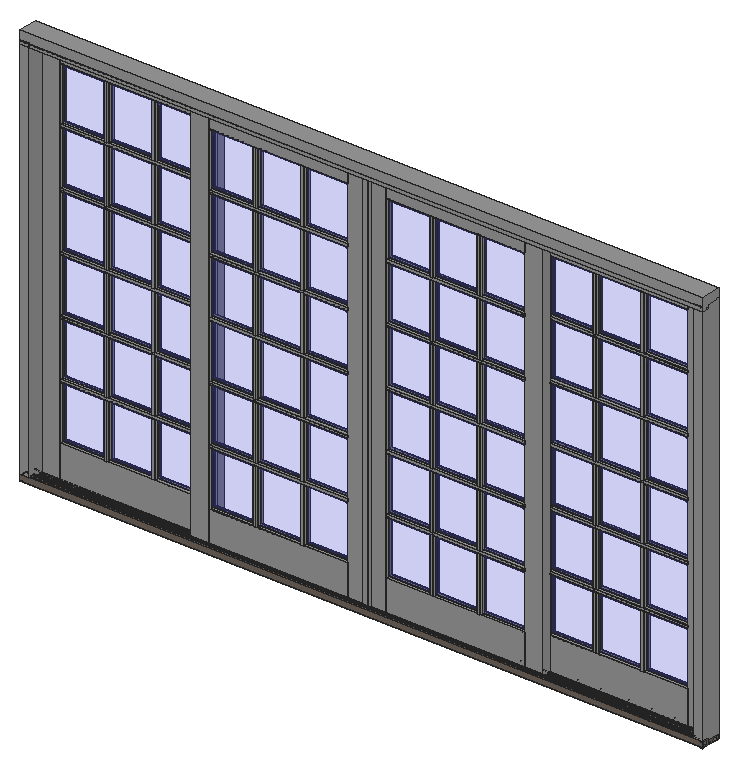
Revit family "VSDA3.6SPCO", category Doors, host Wall, Revit 2015
Parameters (values of type "VSDA3.6SPCO")
  Function = Interior
  Frame Projection Ext. = 25 mm
  Frame Projection Int. = 25 mm
  Frame Width = 75 mm
  Height = 2100 mm
  Wall Closure = By host
  Width = 3550 mm
Reference planes
  plane 1: y = 0
  plane 2 "Center (Left/Right)": x = 0
  plane 3 "Left": x = -1775
  plane 4 "Right": x = 1775
  plane 5: z = 2100
  plane 6 "Exterior": y = 75
  plane 7 "Interior": y = -75
Forms (mm)
  Extrusion 1, solid, material "Aluminium Cill (Bronze)"
    sketch origin (0, 79.18, -119.746) x (0, 1, 0) y (0, 0, 1)
      loop
        line (-26.68, 120.746) -> (-26.68, 135.746)
        arc (-26.68, 135.746) -> (-27.558, 137.867) -> (-29.68, 138.746) r 3
        line (-29.68, 138.746) -> (-40.947, 138.746)
        arc (-40.947, 138.746) -> (-42.68, 137.746) -> (-44.412, 138.746) r 2
        line (-44.412, 138.746) -> (-48.947, 138.746)
        arc (-48.947, 138.746) -> (-50.68, 137.746) -> (-52.412, 138.746) r 2
        line (-52.412, 138.746) -> (-56.947, 138.746)
        arc (-56.947, 138.746) -> (-58.68, 137.746) -> (-60.412, 138.746) r 2
        line (-60.412, 138.746) -> (-67.18, 138.746) -> (-67.18, 135.246)
        arc (-67.18, 135.246) -> (-67.619, 134.185) -> (-68.68, 133.746) r 1.5
        line (-68.68, 133.746) -> (-73.43, 133.746) -> (-73.43, 135.746) -> (-71.996, 135.746)
        arc (-71.996, 135.746) -> (-74.68, 138.746) -> (-77.363, 135.746) r 2.7
        line (-77.363, 135.746) -> (-75.93, 135.746) -> (-75.93, 133.746) -> (-80.68, 133.746)
        arc (-80.68, 133.746) -> (-81.74, 134.185) -> (-82.18, 135.246) r 1.5
        line (-82.18, 135.246) -> (-82.18, 138.746) -> (-90.432, 138.746) -> (-98.68, 138.746) -> (-98.68, 143.746)
        arc (-98.68, 143.746) -> (-99.18, 144.246) -> (-99.68, 143.746) r 0.5
        line (-99.68, 143.746) -> (-99.68, 142.734) -> (-100.88, 142.734) -> (-100.88, 150.246) -> (-99.68, 150.246) -> (-99.68, 149.246)
        arc (-99.68, 149.246) -> (-99.18, 148.746) -> (-98.68, 149.246) r 0.5
        line (-98.68, 149.246) -> (-98.68, 150.746)
        arc (-98.68, 150.746) -> (-98.972, 151.453) -> (-99.68, 151.746) r 1
        line (-99.68, 151.746) -> (-109.447, 151.746)
        arc (-109.447, 151.746) -> (-111.18, 150.746) -> (-112.912, 151.746) r 2
        line (-112.912, 151.746) -> (-117.447, 151.746)
        arc (-117.447, 151.746) -> (-119.18, 150.746) -> (-120.912, 151.746) r 2
        line (-120.912, 151.746) -> (-130.68, 151.746)
        arc (-130.68, 151.746) -> (-131.387, 151.453) -> (-131.68, 150.746) r 1
        line (-131.68, 150.746) -> (-131.68, 120.746)
        arc (-131.68, 120.746) -> (-131.387, 120.039) -> (-130.68, 119.746) r 1
        line (-130.68, 119.746) -> (-27.68, 119.746)
        arc (-27.68, 119.746) -> (-26.972, 120.039) -> (-26.68, 120.746) r 1
      loop
        line (-29.68, 137.246) -> (-40.23, 137.246)
        arc (-40.23, 137.246) -> (-42.68, 136.246) -> (-45.129, 137.246) r 3.5
        line (-45.129, 137.246) -> (-48.23, 137.246)
        arc (-48.23, 137.246) -> (-50.68, 136.246) -> (-53.129, 137.246) r 3.5
        line (-53.129, 137.246) -> (-56.23, 137.246)
        arc (-56.23, 137.246) -> (-58.68, 136.246) -> (-61.129, 137.246) r 3.5
        line (-61.129, 137.246) -> (-65.68, 137.246) -> (-65.68, 135.246)
        arc (-65.68, 135.246) -> (-66.558, 133.125) -> (-68.68, 132.246) r 3
        line (-68.68, 132.246) -> (-73.93, 132.246) -> (-73.93, 121.246) -> (-28.18, 121.246) -> (-28.18, 135.746)
        arc (-28.18, 135.746) -> (-28.619, 136.807) -> (-29.68, 137.246) r 1.5
      loop
        line (-75.43, 132.246) -> (-80.68, 132.246)
        arc (-80.68, 132.246) -> (-82.801, 133.125) -> (-83.68, 135.246) r 3
        line (-83.68, 135.246) -> (-83.68, 137.246) -> (-98.68, 137.246) -> (-98.68, 121.246) -> (-75.43, 121.246) -> (-75.43, 132.246)
      loop
        line (-100.18, 121.246) -> (-100.18, 141.246) -> (-102.38, 141.246) -> (-102.38, 150.246) -> (-108.73, 150.246)
        arc (-108.73, 150.246) -> (-111.18, 149.246) -> (-113.629, 150.246) r 3.5
        line (-113.629, 150.246) -> (-116.73, 150.246)
        arc (-116.73, 150.246) -> (-119.18, 149.246) -> (-121.629, 150.246) r 3.5
        line (-121.629, 150.246) -> (-130.18, 150.246) -> (-130.18, 121.246) -> (-100.18, 121.246)
    from -1775 to 1775
  Extrusion 2, solid, material "Lauan, Meranti"
    sketch origin (0, 0, 0) x (0, 1, 0) y (0, 0, 1)
      loop
        line (52.5, 2100) -> (-52.5, 2100) -> (-52.5, 2055) -> (-49.5, 2055) -> (-49.5, 2052) -> (-52.5, 2052) -> (-52.5, 2035) -> (-20.5, 2035) -> (-20.5, 2038.5) -> (-27.5, 2038.5) -> (-27.5, 2041.5) -> (-20.5, 2041.5) -> (-20.5, 2055) -> (32.5, 2055) -> (32.5, 2057) -> (52.5, 2057) -> (52.5, 2100)
    from -1775 to 1775
  Extrusion 3, solid, material "Lauan, Meranti"
    sketch origin (0, 0, 0) x (1, 0, 0) y (0, 1, 0)
      loop
        line (-1775, 52.5) -> (-1775, -52.5) -> (-1730, -52.5) -> (-1730, 52.5) -> (-1775, 52.5)
      loop
        line (1775, 52.5) -> (1730, 52.5) -> (1730, -52.5) -> (1775, -52.5) -> (1775, 52.5)
    from 32 to 2057
  Extrusion 4, solid, material "Lauan, Meranti"
    sketch origin (0, 0, 0) x (1, 0, 0) y (0, 1, 0)
      loop
        line (-1775, 52.5) -> (-1775, -19.5) -> (-1730, -19.5) -> (-1730, 52.5) -> (-1775, 52.5)
      loop
        line (1775, 52.5) -> (1730, 52.5) -> (1730, -19.5) -> (1775, -19.5) -> (1775, 52.5)
    from 19 to 32
  Extrusion 5, solid, material "Lauan, Meranti"
    sketch origin (550, 0, 0) x (0, 1, 0) y (0, 0, 1)
      loop
        line (52.5, 2054) -> (49.5, 2054) -> (49.5, 2057) -> (32.5, 2057) -> (32.5, 2041.5) -> (39.5, 2041.5) -> (39.5, 2038.5) -> (32.5, 2038.5) -> (32.5, 2035) -> (52.5, 2035) -> (52.5, 2054)
    from -1362.5 to 262.5
  Extrusion 6, solid, material "Lauan, Meranti"
    sketch origin (0, 0, 0) x (1, 0, 0) y (0, 1, 0)
      loop
        line (1634, 31) -> (1730, 31) -> (1730, 71) -> (1634, 71) -> (1634, 41) -> (1625, 41) -> (1625, 39) -> (1627, 39)
        arc (1627, 39) -> (1629.265, 34.56) -> (1634, 33) r 6.549
        line (1634, 33) -> (1634, 31)
      loop
        line (98, -15.5) -> (98, -13.5)
        arc (98, -13.5) -> (102.735, -11.94) -> (105, -7.5) r 6.549
        line (105, -7.5) -> (107, -7.5) -> (107, -5.5) -> (98, -5.5) -> (98, 24.5) -> (2, 24.5) -> (2, -15.5) -> (98, -15.5)
      loop
        line (-1634, 31) -> (-1634, 33)
        arc (-1634, 33) -> (-1629.265, 34.56) -> (-1627, 39) r 6.549
        line (-1627, 39) -> (-1625, 39) -> (-1625, 41) -> (-1634, 41) -> (-1634, 71) -> (-1730, 71) -> (-1730, 31) -> (-1634, 31)
      loop
        line (-98, -15.5) -> (-2, -15.5) -> (-2, 24.5) -> (-98, 24.5) -> (-98, -5.5) -> (-107, -5.5) -> (-107, -7.5) -> (-105, -7.5)
        arc (-105, -7.5) -> (-102.735, -11.94) -> (-98, -13.5) r 6.549
        line (-98, -13.5) -> (-98, -15.5)
      loop
        line (-821.5, -15.5) -> (-821.5, -13.5)
        arc (-821.5, -13.5) -> (-816.765, -11.94) -> (-814.5, -7.5) r 6.549
        line (-814.5, -7.5) -> (-812.5, -7.5) -> (-812.5, -5.5) -> (-821.5, -5.5) -> (-821.5, 24.5) -> (-917.5, 24.5) -> (-917.5, -15.5) -> (-821.5, -15.5)
      loop
        line (-908.5, 31) -> (-812.5, 31) -> (-812.5, 71) -> (-908.5, 71) -> (-908.5, 41) -> (-917.5, 41) -> (-917.5, 39) -> (-915.5, 39)
        arc (-915.5, 39) -> (-913.235, 34.56) -> (-908.5, 33) r 6.549
        line (-908.5, 33) -> (-908.5, 31)
      loop
        line (821.5, -15.5) -> (917.5, -15.5) -> (917.5, 24.5) -> (821.5, 24.5) -> (821.5, -5.5) -> (812.5, -5.5) -> (812.5, -7.5) -> (814.5, -7.5)
        arc (814.5, -7.5) -> (816.765, -11.94) -> (821.5, -13.5) r 6.549
        line (821.5, -13.5) -> (821.5, -15.5)
      loop
        line (908.5, 31) -> (908.5, 33)
        arc (908.5, 33) -> (913.235, 34.56) -> (915.5, 39) r 6.549
        line (915.5, 39) -> (917.5, 39) -> (917.5, 41) -> (908.5, 41) -> (908.5, 71) -> (812.5, 71) -> (812.5, 31) -> (908.5, 31)
    from 19 to 2055
  Extrusion 7, solid, material "Lauan, Meranti"
    sketch origin (4059.03, 0, -20) x (1, 0, 0) y (0, 1, 0)
      loop
        line (-4071.03, -25.5) -> (-4047.03, -25.5) -> (-4047.03, -23.5)
        arc (-4047.03, -23.5) -> (-4041.373, -21.157) -> (-4039.03, -15.5) r 8
        line (-4039.03, -15.5) -> (-4079.03, -15.5)
        arc (-4079.03, -15.5) -> (-4076.687, -21.157) -> (-4071.03, -23.5) r 8
        line (-4071.03, -23.5) -> (-4071.03, -25.5)
      loop
        line (-4071.03, 34.5) -> (-4071.03, 32.5)
        arc (-4071.03, 32.5) -> (-4076.687, 30.157) -> (-4079.03, 24.5) r 8
        line (-4079.03, 24.5) -> (-4039.03, 24.5)
        arc (-4039.03, 24.5) -> (-4041.373, 30.157) -> (-4047.03, 32.5) r 8
        line (-4047.03, 32.5) -> (-4047.03, 34.5) -> (-4071.03, 34.5)
    from 39 to 2055
  Extrusion 8, solid, material "Lauan, Meranti"
    sketch origin (-1885, 46.5, 0) x (0, 1, 0) y (0, 0, -1)
      loop
        line (-15.5, -190) -> (-13.5, -190)
        arc (-13.5, -190) -> (-11.866, -194.67) -> (-7.5, -197) r 6.807
        line (-7.5, -197) -> (-7.5, -199) -> (-5.5, -199) -> (-5.5, -190) -> (24.5, -190) -> (24.5, -19) -> (-15.5, -19) -> (-15.5, -190)
      loop
        arc (-7.5, -1952) -> (-11.866, -1954.33) -> (-13.5, -1959) r 6.807
        line (-13.5, -1959) -> (-15.5, -1959) -> (-15.5, -2055) -> (24.5, -2055) -> (24.5, -1959) -> (-5.5, -1959) -> (-5.5, -1950) -> (-7.5, -1950) -> (-7.5, -1952)
      loop
        line (-15.5, -1675) -> (-13.5, -1675)
        arc (-13.5, -1675) -> (-11.866, -1679.67) -> (-7.5, -1682) r 6.807
        line (-7.5, -1682) -> (-7.5, -1684) -> (-5.5, -1684) -> (-5.5, -1675) -> (24.5, -1675) -> (24.5, -1662) -> (-5.5, -1662) -> (-5.5, -1653) -> (-7.5, -1653) -> (-7.5, -1655)
        arc (-7.5, -1655) -> (-11.866, -1657.33) -> (-13.5, -1662) r 6.807
        line (-13.5, -1662) -> (-15.5, -1662) -> (-15.5, -1675)
      loop
        line (-15.5, -1378) -> (-13.5, -1378)
        arc (-13.5, -1378) -> (-11.866, -1382.67) -> (-7.5, -1385) r 6.807
        line (-7.5, -1385) -> (-7.5, -1387) -> (-5.5, -1387) -> (-5.5, -1378) -> (24.5, -1378) -> (24.5, -1365) -> (-5.5, -1365) -> (-5.5, -1356) -> (-7.5, -1356) -> (-7.5, -1358)
        arc (-7.5, -1358) -> (-11.866, -1360.33) -> (-13.5, -1365) r 6.807
        line (-13.5, -1365) -> (-15.5, -1365) -> (-15.5, -1378)
      loop
        line (-15.5, -1081) -> (-13.5, -1081)
        arc (-13.5, -1081) -> (-11.866, -1085.67) -> (-7.5, -1088) r 6.807
        line (-7.5, -1088) -> (-7.5, -1090) -> (-5.5, -1090) -> (-5.5, -1081) -> (24.5, -1081) -> (24.5, -1068) -> (-5.5, -1068) -> (-5.5, -1059) -> (-7.5, -1059) -> (-7.5, -1061)
        arc (-7.5, -1061) -> (-11.866, -1063.33) -> (-13.5, -1068) r 6.807
        line (-13.5, -1068) -> (-15.5, -1068) -> (-15.5, -1081)
      loop
        line (-15.5, -784) -> (-13.5, -784)
        arc (-13.5, -784) -> (-11.866, -788.67) -> (-7.5, -791) r 6.807
        line (-7.5, -791) -> (-7.5, -793) -> (-5.5, -793) -> (-5.5, -784) -> (24.5, -784) -> (24.5, -771) -> (-5.5, -771) -> (-5.5, -762) -> (-7.5, -762) -> (-7.5, -764)
        arc (-7.5, -764) -> (-11.866, -766.33) -> (-13.5, -771) r 6.807
        line (-13.5, -771) -> (-15.5, -771) -> (-15.5, -784)
      loop
        line (-15.5, -487) -> (-13.5, -487)
        arc (-13.5, -487) -> (-11.866, -491.67) -> (-7.5, -494) r 6.807
        line (-7.5, -494) -> (-7.5, -496) -> (-5.5, -496) -> (-5.5, -487) -> (24.5, -487) -> (24.5, -474) -> (-5.5, -474) -> (-5.5, -465) -> (-7.5, -465) -> (-7.5, -467)
        arc (-7.5, -467) -> (-11.866, -469.33) -> (-13.5, -474) r 6.807
        line (-13.5, -474) -> (-15.5, -474) -> (-15.5, -487)
    from -976.5 to -251
  Sweep 9, solid, material "Lauan, Meranti"
    path origin (-1120.605, -75, -781.763) x (-1, 0, 0) y (0, 0, -1)
      loop
        line (280.228, -2740.763) -> (513.395, -2740.763) -> (513.395, -2456.763) -> (280.228, -2456.763) -> (280.228, -2740.763)
    profile origin (-1517.417, -75, 1959) x (0, 0, -1) y (0, -1, 0)
      loop
        line (9, -124.5) -> (0, -124.5) -> (0, -132.5)
        arc (0, -132.5) -> (4.67, -130.866) -> (7, -126.5) r 6.807
        line (7, -126.5) -> (9, -126.5) -> (9, -124.5)
  Extrusion 10, solid, material "Glass"
    sketch origin (-1393.125, -64.05, -73.649) x (-1, 0, 0) y (0, 0, -1)
      loop
        line (240.865, -2032.637) -> (240.865, -1748.649) -> (7.708, -1748.649) -> (7.708, -2032.637) -> (240.865, -2032.637)
      loop
        line (-5.292, -2032.649) -> (-5.292, -1748.649) -> (-238.458, -1748.649) -> (-238.458, -2032.649) -> (-5.292, -2032.649)
      loop
        line (-251.458, -2032.649) -> (-251.458, -1748.649) -> (-484.625, -1748.649) -> (-484.625, -2032.649) -> (-251.458, -2032.649)
      loop
        line (240.865, -1735.637) -> (240.865, -1451.649) -> (7.708, -1451.649) -> (7.708, -1735.637) -> (240.865, -1735.637)
      loop
        line (-5.292, -1735.649) -> (-5.292, -1451.649) -> (-238.458, -1451.649) -> (-238.458, -1735.649) -> (-5.292, -1735.649)
      loop
        line (-251.458, -1735.649) -> (-251.458, -1451.649) -> (-484.625, -1451.649) -> (-484.625, -1735.649) -> (-251.458, -1735.649)
      loop
        line (240.865, -1438.637) -> (240.865, -1154.649) -> (7.708, -1154.649) -> (7.708, -1438.637) -> (240.865, -1438.637)
      loop
        line (-5.292, -1438.649) -> (-5.292, -1154.649) -> (-238.458, -1154.649) -> (-238.458, -1438.649) -> (-5.292, -1438.649)
      loop
        line (-251.458, -1438.649) -> (-251.458, -1154.649) -> (-484.625, -1154.649) -> (-484.625, -1438.649) -> (-251.458, -1438.649)
      loop
        line (240.865, -1141.637) -> (240.865, -857.649) -> (7.708, -857.649) -> (7.708, -1141.637) -> (240.865, -1141.637)
      loop
        line (-5.292, -1141.649) -> (-5.292, -857.649) -> (-238.458, -857.649) -> (-238.458, -1141.649) -> (-5.292, -1141.649)
      loop
        line (-251.458, -1141.649) -> (-251.458, -857.649) -> (-484.625, -857.649) -> (-484.625, -1141.649) -> (-251.458, -1141.649)
      loop
        line (240.865, -844.637) -> (240.865, -560.649) -> (7.708, -560.649) -> (7.708, -844.637) -> (240.865, -844.637)
      loop
        line (-5.292, -844.649) -> (-5.292, -560.649) -> (-238.458, -560.649) -> (-238.458, -844.649) -> (-5.292, -844.649)
      loop
        line (-251.458, -844.649) -> (-251.458, -560.649) -> (-484.625, -560.649) -> (-484.625, -844.649) -> (-251.458, -844.649)
      loop
        line (240.865, -547.637) -> (240.865, -263.649) -> (7.708, -263.649) -> (7.708, -547.637) -> (240.865, -547.637)
      loop
        line (-5.292, -547.649) -> (-5.292, -263.649) -> (-238.458, -263.649) -> (-238.458, -547.649) -> (-5.292, -547.649)
      loop
        line (-251.458, -547.649) -> (-251.458, -263.649) -> (-484.625, -263.649) -> (-484.625, -547.649) -> (-251.458, -547.649)
    from -112.5 to -106.1
  Extrusion 11, solid, material "Lauan, Meranti"
    sketch origin (-865, 0, 0) x (-1, 0, 0) y (0, -1, 0)
      loop
        line (522.833, -31) -> (522.833, -33)
        arc (522.833, -33) -> (518.163, -34.634) -> (515.833, -39) r 6.807
        line (515.833, -39) -> (513.833, -39) -> (513.833, -41) -> (522.833, -41) -> (522.833, -71) -> (535.833, -71) -> (535.833, -41) -> (544.833, -41) -> (544.833, -39) -> (542.833, -39)
        arc (542.833, -39) -> (540.504, -34.634) -> (535.833, -33) r 6.807
        line (535.833, -33) -> (535.833, -31) -> (522.833, -31)
      loop
        line (289.667, -31) -> (276.667, -31) -> (276.667, -33)
        arc (276.667, -33) -> (271.996, -34.634) -> (269.667, -39) r 6.807
        line (269.667, -39) -> (267.667, -39) -> (267.667, -41) -> (276.667, -41) -> (276.667, -71) -> (289.667, -71) -> (289.667, -41) -> (298.667, -41) -> (298.667, -39) -> (296.667, -39)
        arc (296.667, -39) -> (294.337, -34.634) -> (289.667, -33) r 6.807
        line (289.667, -33) -> (289.667, -31)
    from 1675 to 1959
  Extrusion 12, solid, material "Lauan, Meranti"
    sketch origin (-865, 0, -297) x (-1, 0, 0) y (0, -1, 0)
      loop
        line (522.833, -31) -> (522.833, -33)
        arc (522.833, -33) -> (518.163, -34.634) -> (515.833, -39) r 6.807
        line (515.833, -39) -> (513.833, -39) -> (513.833, -41) -> (522.833, -41) -> (522.833, -71) -> (535.833, -71) -> (535.833, -41) -> (544.833, -41) -> (544.833, -39) -> (542.833, -39)
        arc (542.833, -39) -> (540.504, -34.634) -> (535.833, -33) r 6.807
        line (535.833, -33) -> (535.833, -31) -> (522.833, -31)
      loop
        line (289.667, -31) -> (276.667, -31) -> (276.667, -33)
        arc (276.667, -33) -> (271.996, -34.634) -> (269.667, -39) r 6.807
        line (269.667, -39) -> (267.667, -39) -> (267.667, -41) -> (276.667, -41) -> (276.667, -71) -> (289.667, -71) -> (289.667, -41) -> (298.667, -41) -> (298.667, -39) -> (296.667, -39)
        arc (296.667, -39) -> (294.337, -34.634) -> (289.667, -33) r 6.807
        line (289.667, -33) -> (289.667, -31)
    from 1675 to 1959
  Extrusion 13, solid, material "Lauan, Meranti"
    sketch origin (-865, 0, -594) x (-1, 0, 0) y (0, -1, 0)
      loop
        line (522.833, -31) -> (522.833, -33)
        arc (522.833, -33) -> (518.163, -34.634) -> (515.833, -39) r 6.807
        line (515.833, -39) -> (513.833, -39) -> (513.833, -41) -> (522.833, -41) -> (522.833, -71) -> (535.833, -71) -> (535.833, -41) -> (544.833, -41) -> (544.833, -39) -> (542.833, -39)
        arc (542.833, -39) -> (540.504, -34.634) -> (535.833, -33) r 6.807
        line (535.833, -33) -> (535.833, -31) -> (522.833, -31)
      loop
        line (289.667, -31) -> (276.667, -31) -> (276.667, -33)
        arc (276.667, -33) -> (271.996, -34.634) -> (269.667, -39) r 6.807
        line (269.667, -39) -> (267.667, -39) -> (267.667, -41) -> (276.667, -41) -> (276.667, -71) -> (289.667, -71) -> (289.667, -41) -> (298.667, -41) -> (298.667, -39) -> (296.667, -39)
        arc (296.667, -39) -> (294.337, -34.634) -> (289.667, -33) r 6.807
        line (289.667, -33) -> (289.667, -31)
    from 1675 to 1959
  Extrusion 14, solid, material "Lauan, Meranti"
    sketch origin (-865, 0, -891) x (-1, 0, 0) y (0, -1, 0)
      loop
        line (522.833, -31) -> (522.833, -33)
        arc (522.833, -33) -> (518.163, -34.634) -> (515.833, -39) r 6.807
        line (515.833, -39) -> (513.833, -39) -> (513.833, -41) -> (522.833, -41) -> (522.833, -71) -> (535.833, -71) -> (535.833, -41) -> (544.833, -41) -> (544.833, -39) -> (542.833, -39)
        arc (542.833, -39) -> (540.504, -34.634) -> (535.833, -33) r 6.807
        line (535.833, -33) -> (535.833, -31) -> (522.833, -31)
      loop
        line (289.667, -31) -> (276.667, -31) -> (276.667, -33)
        arc (276.667, -33) -> (271.996, -34.634) -> (269.667, -39) r 6.807
        line (269.667, -39) -> (267.667, -39) -> (267.667, -41) -> (276.667, -41) -> (276.667, -71) -> (289.667, -71) -> (289.667, -41) -> (298.667, -41) -> (298.667, -39) -> (296.667, -39)
        arc (296.667, -39) -> (294.337, -34.634) -> (289.667, -33) r 6.807
        line (289.667, -33) -> (289.667, -31)
    from 1675 to 1959
  Extrusion 15, solid, material "Lauan, Meranti"
    sketch origin (-865, 0, -1188) x (-1, 0, 0) y (0, -1, 0)
      loop
        line (522.833, -31) -> (522.833, -33)
        arc (522.833, -33) -> (518.163, -34.634) -> (515.833, -39) r 6.807
        line (515.833, -39) -> (513.833, -39) -> (513.833, -41) -> (522.833, -41) -> (522.833, -71) -> (535.833, -71) -> (535.833, -41) -> (544.833, -41) -> (544.833, -39) -> (542.833, -39)
        arc (542.833, -39) -> (540.504, -34.634) -> (535.833, -33) r 6.807
        line (535.833, -33) -> (535.833, -31) -> (522.833, -31)
      loop
        line (289.667, -31) -> (276.667, -31) -> (276.667, -33)
        arc (276.667, -33) -> (271.996, -34.634) -> (269.667, -39) r 6.807
        line (269.667, -39) -> (267.667, -39) -> (267.667, -41) -> (276.667, -41) -> (276.667, -71) -> (289.667, -71) -> (289.667, -41) -> (298.667, -41) -> (298.667, -39) -> (296.667, -39)
        arc (296.667, -39) -> (294.337, -34.634) -> (289.667, -33) r 6.807
        line (289.667, -33) -> (289.667, -31)
    from 1675 to 1959
  Extrusion 16, solid, material "Lauan, Meranti"
    sketch origin (-865, 0, -1485) x (-1, 0, 0) y (0, -1, 0)
      loop
        line (522.833, -31) -> (522.833, -33)
        arc (522.833, -33) -> (518.163, -34.634) -> (515.833, -39) r 6.807
        line (515.833, -39) -> (513.833, -39) -> (513.833, -41) -> (522.833, -41) -> (522.833, -71) -> (535.833, -71) -> (535.833, -41) -> (544.833, -41) -> (544.833, -39) -> (542.833, -39)
        arc (542.833, -39) -> (540.504, -34.634) -> (535.833, -33) r 6.807
        line (535.833, -33) -> (535.833, -31) -> (522.833, -31)
      loop
        line (289.667, -31) -> (276.667, -31) -> (276.667, -33)
        arc (276.667, -33) -> (271.996, -34.634) -> (269.667, -39) r 6.807
        line (269.667, -39) -> (267.667, -39) -> (267.667, -41) -> (276.667, -41) -> (276.667, -71) -> (289.667, -71) -> (289.667, -41) -> (298.667, -41) -> (298.667, -39) -> (296.667, -39)
        arc (296.667, -39) -> (294.337, -34.634) -> (289.667, -33) r 6.807
        line (289.667, -33) -> (289.667, -31)
    from 1675 to 1959
  Sweep 17, solid, material "Lauan, Meranti"
    path origin (-874.439, -75, -781.763) x (-1, 0, 0) y (0, 0, -1)
      loop
        line (280.228, -2740.763) -> (513.395, -2740.763) -> (513.395, -2456.763) -> (280.228, -2456.763) -> (280.228, -2740.763)
    profile origin (-1271.25, -75, 1959) x (0, 0, -1) y (0, -1, 0)
      loop
        line (9, -124.5) -> (0, -124.5) -> (0, -132.5)
        arc (0, -132.5) -> (4.67, -130.866) -> (7, -126.5) r 6.807
        line (7, -126.5) -> (9, -126.5) -> (9, -124.5)
  Sweep 18, solid, material "Lauan, Meranti"
    path origin (-628.272, -75, -781.763) x (-1, 0, 0) y (0, 0, -1)
      loop
        line (280.228, -2740.763) -> (513.395, -2740.763) -> (513.395, -2456.763) -> (280.228, -2456.763) -> (280.228, -2740.763)
    profile origin (-1025.083, -75, 1959) x (0, 0, -1) y (0, -1, 0)
      loop
        line (9, -124.5) -> (0, -124.5) -> (0, -132.5)
        arc (0, -132.5) -> (4.67, -130.866) -> (7, -126.5) r 6.807
        line (7, -126.5) -> (9, -126.5) -> (9, -124.5)
  Sweep 19, solid, material "Lauan, Meranti"
    path origin (-1120.605, -75, -1078.763) x (-1, 0, 0) y (0, 0, -1)
      loop
        line (280.228, -2740.763) -> (513.395, -2740.763) -> (513.395, -2456.763) -> (280.228, -2456.763) -> (280.228, -2740.763)
    profile origin (-1517.417, -75, 1662) x (0, 0, -1) y (0, -1, 0)
      loop
        line (9, -124.5) -> (0, -124.5) -> (0, -132.5)
        arc (0, -132.5) -> (4.67, -130.866) -> (7, -126.5) r 6.807
        line (7, -126.5) -> (9, -126.5) -> (9, -124.5)
  Sweep 20, solid, material "Lauan, Meranti"
    path origin (-874.439, -75, -1078.763) x (-1, 0, 0) y (0, 0, -1)
      loop
        line (280.228, -2740.763) -> (513.395, -2740.763) -> (513.395, -2456.763) -> (280.228, -2456.763) -> (280.228, -2740.763)
    profile origin (-1271.25, -75, 1662) x (0, 0, -1) y (0, -1, 0)
      loop
        line (9, -124.5) -> (0, -124.5) -> (0, -132.5)
        arc (0, -132.5) -> (4.67, -130.866) -> (7, -126.5) r 6.807
        line (7, -126.5) -> (9, -126.5) -> (9, -124.5)
  Sweep 21, solid, material "Lauan, Meranti"
    path origin (-628.272, -75, -1078.763) x (-1, 0, 0) y (0, 0, -1)
      loop
        line (280.228, -2740.763) -> (513.395, -2740.763) -> (513.395, -2456.763) -> (280.228, -2456.763) -> (280.228, -2740.763)
    profile origin (-1025.083, -75, 1662) x (0, 0, -1) y (0, -1, 0)
      loop
        line (9, -124.5) -> (0, -124.5) -> (0, -132.5)
        arc (0, -132.5) -> (4.67, -130.866) -> (7, -126.5) r 6.807
        line (7, -126.5) -> (9, -126.5) -> (9, -124.5)
  Sweep 22, solid, material "Lauan, Meranti"
    path origin (-1120.605, -75, -1375.763) x (-1, 0, 0) y (0, 0, -1)
      loop
        line (280.228, -2740.763) -> (513.395, -2740.763) -> (513.395, -2456.763) -> (280.228, -2456.763) -> (280.228, -2740.763)
    profile origin (-1517.417, -75, 1365) x (0, 0, -1) y (0, -1, 0)
      loop
        line (9, -124.5) -> (0, -124.5) -> (0, -132.5)
        arc (0, -132.5) -> (4.67, -130.866) -> (7, -126.5) r 6.807
        line (7, -126.5) -> (9, -126.5) -> (9, -124.5)
  Sweep 23, solid, material "Lauan, Meranti"
    path origin (-874.439, -75, -1375.763) x (-1, 0, 0) y (0, 0, -1)
      loop
        line (280.228, -2740.763) -> (513.395, -2740.763) -> (513.395, -2456.763) -> (280.228, -2456.763) -> (280.228, -2740.763)
    profile origin (-1271.25, -75, 1365) x (0, 0, -1) y (0, -1, 0)
      loop
        line (9, -124.5) -> (0, -124.5) -> (0, -132.5)
        arc (0, -132.5) -> (4.67, -130.866) -> (7, -126.5) r 6.807
        line (7, -126.5) -> (9, -126.5) -> (9, -124.5)
  Sweep 24, solid, material "Lauan, Meranti"
    path origin (-628.272, -75, -1375.763) x (-1, 0, 0) y (0, 0, -1)
      loop
        line (280.228, -2740.763) -> (513.395, -2740.763) -> (513.395, -2456.763) -> (280.228, -2456.763) -> (280.228, -2740.763)
    profile origin (-1025.083, -75, 1365) x (0, 0, -1) y (0, -1, 0)
      loop
        line (9, -124.5) -> (0, -124.5) -> (0, -132.5)
        arc (0, -132.5) -> (4.67, -130.866) -> (7, -126.5) r 6.807
        line (7, -126.5) -> (9, -126.5) -> (9, -124.5)
  Sweep 25, solid, material "Lauan, Meranti"
    path origin (-1120.605, -75, -1672.763) x (-1, 0, 0) y (0, 0, -1)
      loop
        line (280.228, -2740.763) -> (513.395, -2740.763) -> (513.395, -2456.763) -> (280.228, -2456.763) -> (280.228, -2740.763)
    profile origin (-1517.417, -75, 1068) x (0, 0, -1) y (0, -1, 0)
      loop
        line (9, -124.5) -> (0, -124.5) -> (0, -132.5)
        arc (0, -132.5) -> (4.67, -130.866) -> (7, -126.5) r 6.807
        line (7, -126.5) -> (9, -126.5) -> (9, -124.5)
  Sweep 26, solid, material "Lauan, Meranti"
    path origin (-874.439, -75, -1672.763) x (-1, 0, 0) y (0, 0, -1)
      loop
        line (280.228, -2740.763) -> (513.395, -2740.763) -> (513.395, -2456.763) -> (280.228, -2456.763) -> (280.228, -2740.763)
    profile origin (-1271.25, -75, 1068) x (0, 0, -1) y (0, -1, 0)
      loop
        line (9, -124.5) -> (0, -124.5) -> (0, -132.5)
        arc (0, -132.5) -> (4.67, -130.866) -> (7, -126.5) r 6.807
        line (7, -126.5) -> (9, -126.5) -> (9, -124.5)
  Sweep 27, solid, material "Lauan, Meranti"
    path origin (-628.272, -75, -1672.763) x (-1, 0, 0) y (0, 0, -1)
      loop
        line (280.228, -2740.763) -> (513.395, -2740.763) -> (513.395, -2456.763) -> (280.228, -2456.763) -> (280.228, -2740.763)
    profile origin (-1025.083, -75, 1068) x (0, 0, -1) y (0, -1, 0)
      loop
        line (9, -124.5) -> (0, -124.5) -> (0, -132.5)
        arc (0, -132.5) -> (4.67, -130.866) -> (7, -126.5) r 6.807
        line (7, -126.5) -> (9, -126.5) -> (9, -124.5)
  Sweep 28, solid, material "Lauan, Meranti"
    path origin (-1120.605, -75, -1969.763) x (-1, 0, 0) y (0, 0, -1)
      loop
        line (280.228, -2740.763) -> (513.395, -2740.763) -> (513.395, -2456.763) -> (280.228, -2456.763) -> (280.228, -2740.763)
    profile origin (-1517.417, -75, 771) x (0, 0, -1) y (0, -1, 0)
      loop
        line (9, -124.5) -> (0, -124.5) -> (0, -132.5)
        arc (0, -132.5) -> (4.67, -130.866) -> (7, -126.5) r 6.807
        line (7, -126.5) -> (9, -126.5) -> (9, -124.5)
  Sweep 29, solid, material "Lauan, Meranti"
    path origin (-874.439, -75, -1969.763) x (-1, 0, 0) y (0, 0, -1)
      loop
        line (280.228, -2740.763) -> (513.395, -2740.763) -> (513.395, -2456.763) -> (280.228, -2456.763) -> (280.228, -2740.763)
    profile origin (-1271.25, -75, 771) x (0, 0, -1) y (0, -1, 0)
      loop
        line (9, -124.5) -> (0, -124.5) -> (0, -132.5)
        arc (0, -132.5) -> (4.67, -130.866) -> (7, -126.5) r 6.807
        line (7, -126.5) -> (9, -126.5) -> (9, -124.5)
  Sweep 30, solid, material "Lauan, Meranti"
    path origin (-628.272, -75, -1969.763) x (-1, 0, 0) y (0, 0, -1)
      loop
        line (280.228, -2740.763) -> (513.395, -2740.763) -> (513.395, -2456.763) -> (280.228, -2456.763) -> (280.228, -2740.763)
    profile origin (-1025.083, -75, 771) x (0, 0, -1) y (0, -1, 0)
      loop
        line (9, -124.5) -> (0, -124.5) -> (0, -132.5)
        arc (0, -132.5) -> (4.67, -130.866) -> (7, -126.5) r 6.807
        line (7, -126.5) -> (9, -126.5) -> (9, -124.5)
  Sweep 31, solid, material "Lauan, Meranti"
    path origin (-1120.605, -75, -2266.763) x (-1, 0, 0) y (0, 0, -1)
      loop
        line (280.228, -2740.763) -> (513.395, -2740.763) -> (513.395, -2456.763) -> (280.228, -2456.763) -> (280.228, -2740.763)
    profile origin (-1517.417, -75, 474) x (0, 0, -1) y (0, -1, 0)
      loop
        line (9, -124.5) -> (0, -124.5) -> (0, -132.5)
        arc (0, -132.5) -> (4.67, -130.866) -> (7, -126.5) r 6.807
        line (7, -126.5) -> (9, -126.5) -> (9, -124.5)
  Sweep 32, solid, material "Lauan, Meranti"
    path origin (-874.439, -75, -2266.763) x (-1, 0, 0) y (0, 0, -1)
      loop
        line (280.228, -2740.763) -> (513.395, -2740.763) -> (513.395, -2456.763) -> (280.228, -2456.763) -> (280.228, -2740.763)
    profile origin (-1271.25, -75, 474) x (0, 0, -1) y (0, -1, 0)
      loop
        line (9, -124.5) -> (0, -124.5) -> (0, -132.5)
        arc (0, -132.5) -> (4.67, -130.866) -> (7, -126.5) r 6.807
        line (7, -126.5) -> (9, -126.5) -> (9, -124.5)
  Sweep 33, solid, material "Lauan, Meranti"
    path origin (-628.272, -75, -2266.763) x (-1, 0, 0) y (0, 0, -1)
      loop
        line (280.228, -2740.763) -> (513.395, -2740.763) -> (513.395, -2456.763) -> (280.228, -2456.763) -> (280.228, -2740.763)
    profile origin (-1025.083, -75, 474) x (0, 0, -1) y (0, -1, 0)
      loop
        line (9, -124.5) -> (0, -124.5) -> (0, -132.5)
        arc (0, -132.5) -> (4.67, -130.866) -> (7, -126.5) r 6.807
        line (7, -126.5) -> (9, -126.5) -> (9, -124.5)
  Extrusion 34, solid, material "Lauan, Meranti"
    sketch origin (-867, 0, 0) x (0, 1, 0) y (0, 0, -1)
      loop
        line (-15.5, -190) -> (-13.5, -190)
        arc (-13.5, -190) -> (-11.866, -194.67) -> (-7.5, -197) r 6.807
        line (-7.5, -197) -> (-7.5, -199) -> (-5.5, -199) -> (-5.5, -190) -> (24.5, -190) -> (24.5, -19) -> (-15.5, -19) -> (-15.5, -190)
      loop
        arc (-7.5, -1952) -> (-11.866, -1954.33) -> (-13.5, -1959) r 6.807
        line (-13.5, -1959) -> (-15.5, -1959) -> (-15.5, -2055) -> (24.5, -2055) -> (24.5, -1959) -> (-5.5, -1959) -> (-5.5, -1950) -> (-7.5, -1950) -> (-7.5, -1952)
      loop
        line (-15.5, -1675) -> (-13.5, -1675)
        arc (-13.5, -1675) -> (-11.866, -1679.67) -> (-7.5, -1682) r 6.807
        line (-7.5, -1682) -> (-7.5, -1684) -> (-5.5, -1684) -> (-5.5, -1675) -> (24.5, -1675) -> (24.5, -1662) -> (-5.5, -1662) -> (-5.5, -1653) -> (-7.5, -1653) -> (-7.5, -1655)
        arc (-7.5, -1655) -> (-11.866, -1657.33) -> (-13.5, -1662) r 6.807
        line (-13.5, -1662) -> (-15.5, -1662) -> (-15.5, -1675)
      loop
        line (-15.5, -1378) -> (-13.5, -1378)
        arc (-13.5, -1378) -> (-11.866, -1382.67) -> (-7.5, -1385) r 6.807
        line (-7.5, -1385) -> (-7.5, -1387) -> (-5.5, -1387) -> (-5.5, -1378) -> (24.5, -1378) -> (24.5, -1365) -> (-5.5, -1365) -> (-5.5, -1356) -> (-7.5, -1356) -> (-7.5, -1358)
        arc (-7.5, -1358) -> (-11.866, -1360.33) -> (-13.5, -1365) r 6.807
        line (-13.5, -1365) -> (-15.5, -1365) -> (-15.5, -1378)
      loop
        line (-15.5, -1081) -> (-13.5, -1081)
        arc (-13.5, -1081) -> (-11.866, -1085.67) -> (-7.5, -1088) r 6.807
        line (-7.5, -1088) -> (-7.5, -1090) -> (-5.5, -1090) -> (-5.5, -1081) -> (24.5, -1081) -> (24.5, -1068) -> (-5.5, -1068) -> (-5.5, -1059) -> (-7.5, -1059) -> (-7.5, -1061)
        arc (-7.5, -1061) -> (-11.866, -1063.33) -> (-13.5, -1068) r 6.807
        line (-13.5, -1068) -> (-15.5, -1068) -> (-15.5, -1081)
      loop
        line (-15.5, -784) -> (-13.5, -784)
        arc (-13.5, -784) -> (-11.866, -788.67) -> (-7.5, -791) r 6.807
        line (-7.5, -791) -> (-7.5, -793) -> (-5.5, -793) -> (-5.5, -784) -> (24.5, -784) -> (24.5, -771) -> (-5.5, -771) -> (-5.5, -762) -> (-7.5, -762) -> (-7.5, -764)
        arc (-7.5, -764) -> (-11.866, -766.33) -> (-13.5, -771) r 6.807
        line (-13.5, -771) -> (-15.5, -771) -> (-15.5, -784)
      loop
        line (-15.5, -487) -> (-13.5, -487)
        arc (-13.5, -487) -> (-11.866, -491.67) -> (-7.5, -494) r 6.807
        line (-7.5, -494) -> (-7.5, -496) -> (-5.5, -496) -> (-5.5, -487) -> (24.5, -487) -> (24.5, -474) -> (-5.5, -474) -> (-5.5, -465) -> (-7.5, -465) -> (-7.5, -467)
        arc (-7.5, -467) -> (-11.866, -469.33) -> (-13.5, -474) r 6.807
        line (-13.5, -474) -> (-15.5, -474) -> (-15.5, -487)
    from -769 to -45.5
  Extrusion 35, solid, material "Glass"
    sketch origin (-582.625, -110.55, -73.649) x (-1, 0, 0) y (0, 0, -1)
      loop
        line (-484.625, -2032.649) -> (-252.125, -2032.649) -> (-252.125, -1748.649) -> (-484.625, -1748.649) -> (-484.625, -2032.649)
      loop
        line (-484.625, -1735.649) -> (-252.125, -1735.649) -> (-252.125, -1451.649) -> (-484.625, -1451.649) -> (-484.625, -1735.649)
      loop
        line (-484.625, -1438.649) -> (-252.125, -1438.649) -> (-252.125, -1154.649) -> (-484.625, -1154.649) -> (-484.625, -1438.649)
      loop
        line (-484.625, -1141.649) -> (-252.125, -1141.649) -> (-252.125, -857.649) -> (-484.625, -857.649) -> (-484.625, -1141.649)
      loop
        line (-484.625, -844.649) -> (-252.125, -844.649) -> (-252.125, -560.649) -> (-484.625, -560.649) -> (-484.625, -844.649)
      loop
        line (-484.625, -547.649) -> (-252.135, -547.649) -> (-252.135, -263.66) -> (-484.625, -263.66) -> (-484.625, -547.649)
      loop
        line (-239.125, -2032.649) -> (-6.625, -2032.649) -> (-6.625, -1748.649) -> (-239.125, -1748.649) -> (-239.125, -2032.649)
      loop
        line (-239.125, -1735.649) -> (-6.625, -1735.649) -> (-6.625, -1451.649) -> (-239.125, -1451.649) -> (-239.125, -1735.649)
      loop
        line (-239.125, -1438.649) -> (-6.625, -1438.649) -> (-6.625, -1154.649) -> (-239.125, -1154.649) -> (-239.125, -1438.649)
      loop
        line (-239.125, -1141.649) -> (-6.625, -1141.649) -> (-6.625, -857.649) -> (-239.125, -857.649) -> (-239.125, -1141.649)
      loop
        line (-239.125, -844.649) -> (-6.625, -844.649) -> (-6.625, -560.649) -> (-239.125, -560.649) -> (-239.125, -844.649)
      loop
        line (-239.125, -547.649) -> (-6.635, -547.649) -> (-6.635, -263.66) -> (-239.125, -263.66) -> (-239.125, -547.649)
      loop
        line (6.375, -2032.649) -> (238.875, -2032.649) -> (238.875, -1748.649) -> (6.375, -1748.649) -> (6.375, -2032.649)
      loop
        line (6.375, -1735.649) -> (238.875, -1735.649) -> (238.875, -1451.649) -> (6.375, -1451.649) -> (6.375, -1735.649)
      loop
        line (6.375, -1438.649) -> (238.875, -1438.649) -> (238.875, -1154.649) -> (6.375, -1154.649) -> (6.375, -1438.649)
      loop
        line (6.375, -1141.649) -> (238.875, -1141.649) -> (238.875, -857.649) -> (6.375, -857.649) -> (6.375, -1141.649)
      loop
        line (6.375, -844.649) -> (238.875, -844.649) -> (238.875, -560.649) -> (6.375, -560.649) -> (6.375, -844.649)
      loop
        line (6.375, -547.649) -> (238.865, -547.649) -> (238.865, -263.66) -> (6.375, -263.66) -> (6.375, -547.649)
    from -112.5 to -106.1
  Extrusion 36, solid, material "Lauan, Meranti"
    sketch origin (-54.5, -46.5, 0) x (-1, 0, 0) y (0, -1, 0)
      loop
        line (289, -31) -> (276, -31) -> (276, -33)
        arc (276, -33) -> (271.33, -34.634) -> (269, -39) r 6.807
        line (269, -39) -> (267, -39) -> (267, -41) -> (276, -41) -> (276, -71) -> (289, -71) -> (289, -41) -> (298, -41) -> (298, -39) -> (296, -39)
        arc (296, -39) -> (293.67, -34.634) -> (289, -33) r 6.807
        line (289, -33) -> (289, -31)
      loop
        line (534.5, -31) -> (521.5, -31) -> (521.5, -33)
        arc (521.5, -33) -> (516.83, -34.634) -> (514.5, -39) r 6.807
        line (514.5, -39) -> (512.5, -39) -> (512.5, -41) -> (521.5, -41) -> (521.5, -71) -> (534.5, -71) -> (534.5, -41) -> (543.5, -41) -> (543.5, -39) -> (541.5, -39)
        arc (541.5, -39) -> (539.17, -34.634) -> (534.5, -33) r 6.807
        line (534.5, -33) -> (534.5, -31)
    from 1675 to 1959
  Sweep 37, solid, material "Lauan, Meranti"
    path origin (182.228, -121.5, -781.763) x (-1, 0, 0) y (0, 0, -1)
      loop
        line (280.228, -2740.763) -> (512.728, -2740.763) -> (512.728, -2456.763) -> (280.228, -2456.763) -> (280.228, -2740.763)
    profile origin (-214.25, -121.5, 1959) x (0, 0, -1) y (0, -1, 0)
      loop
        line (9, -124.5) -> (0, -124.5) -> (0, -132.5)
        arc (0, -132.5) -> (4.67, -130.866) -> (7, -126.5) r 6.807
        line (7, -126.5) -> (9, -126.5) -> (9, -124.5)
  Sweep 38, solid, material "Lauan, Meranti"
    path origin (-63.272, -121.5, -781.763) x (-1, 0, 0) y (0, 0, -1)
      loop
        line (280.228, -2740.763) -> (512.728, -2740.763) -> (512.728, -2456.763) -> (280.228, -2456.763) -> (280.228, -2740.763)
    profile origin (-459.75, -121.5, 1959) x (0, 0, -1) y (0, -1, 0)
      loop
        line (9, -124.5) -> (0, -124.5) -> (0, -132.5)
        arc (0, -132.5) -> (4.67, -130.866) -> (7, -126.5) r 6.807
        line (7, -126.5) -> (9, -126.5) -> (9, -124.5)
  Sweep 39, solid, material "Lauan, Meranti"
    path origin (-308.772, -121.5, -781.763) x (-1, 0, 0) y (0, 0, -1)
      loop
        line (280.228, -2740.763) -> (512.728, -2740.763) -> (512.728, -2456.763) -> (280.228, -2456.763) -> (280.228, -2740.763)
    profile origin (-705.25, -121.5, 1959) x (0, 0, -1) y (0, -1, 0)
      loop
        line (9, -124.5) -> (0, -124.5) -> (0, -132.5)
        arc (0, -132.5) -> (4.67, -130.866) -> (7, -126.5) r 6.807
        line (7, -126.5) -> (9, -126.5) -> (9, -124.5)
  Extrusion 40, solid, material "Lauan, Meranti"
    sketch origin (-54.5, -46.5, -297) x (-1, 0, 0) y (0, -1, 0)
      loop
        line (289, -31) -> (276, -31) -> (276, -33)
        arc (276, -33) -> (271.33, -34.634) -> (269, -39) r 6.807
        line (269, -39) -> (267, -39) -> (267, -41) -> (276, -41) -> (276, -71) -> (289, -71) -> (289, -41) -> (298, -41) -> (298, -39) -> (296, -39)
        arc (296, -39) -> (293.67, -34.634) -> (289, -33) r 6.807
        line (289, -33) -> (289, -31)
      loop
        line (534.5, -31) -> (521.5, -31) -> (521.5, -33)
        arc (521.5, -33) -> (516.83, -34.634) -> (514.5, -39) r 6.807
        line (514.5, -39) -> (512.5, -39) -> (512.5, -41) -> (521.5, -41) -> (521.5, -71) -> (534.5, -71) -> (534.5, -41) -> (543.5, -41) -> (543.5, -39) -> (541.5, -39)
        arc (541.5, -39) -> (539.17, -34.634) -> (534.5, -33) r 6.807
        line (534.5, -33) -> (534.5, -31)
    from 1675 to 1959
  Sweep 41, solid, material "Lauan, Meranti"
    path origin (182.228, -121.5, -1078.763) x (-1, 0, 0) y (0, 0, -1)
      loop
        line (280.228, -2740.763) -> (512.728, -2740.763) -> (512.728, -2456.763) -> (280.228, -2456.763) -> (280.228, -2740.763)
    profile origin (-214.25, -121.5, 1662) x (0, 0, -1) y (0, -1, 0)
      loop
        line (9, -124.5) -> (0, -124.5) -> (0, -132.5)
        arc (0, -132.5) -> (4.67, -130.866) -> (7, -126.5) r 6.807
        line (7, -126.5) -> (9, -126.5) -> (9, -124.5)
  Sweep 42, solid, material "Lauan, Meranti"
    path origin (-63.272, -121.5, -1078.763) x (-1, 0, 0) y (0, 0, -1)
      loop
        line (280.228, -2740.763) -> (512.728, -2740.763) -> (512.728, -2456.763) -> (280.228, -2456.763) -> (280.228, -2740.763)
    profile origin (-459.75, -121.5, 1662) x (0, 0, -1) y (0, -1, 0)
      loop
        line (9, -124.5) -> (0, -124.5) -> (0, -132.5)
        arc (0, -132.5) -> (4.67, -130.866) -> (7, -126.5) r 6.807
        line (7, -126.5) -> (9, -126.5) -> (9, -124.5)
  Sweep 43, solid, material "Lauan, Meranti"
    path origin (-308.772, -121.5, -1078.763) x (-1, 0, 0) y (0, 0, -1)
      loop
        line (280.228, -2740.763) -> (512.728, -2740.763) -> (512.728, -2456.763) -> (280.228, -2456.763) -> (280.228, -2740.763)
    profile origin (-705.25, -121.5, 1662) x (0, 0, -1) y (0, -1, 0)
      loop
        line (9, -124.5) -> (0, -124.5) -> (0, -132.5)
        arc (0, -132.5) -> (4.67, -130.866) -> (7, -126.5) r 6.807
        line (7, -126.5) -> (9, -126.5) -> (9, -124.5)
  Extrusion 44, solid, material "Lauan, Meranti"
    sketch origin (-54.5, -46.5, -594) x (-1, 0, 0) y (0, -1, 0)
      loop
        line (289, -31) -> (276, -31) -> (276, -33)
        arc (276, -33) -> (271.33, -34.634) -> (269, -39) r 6.807
        line (269, -39) -> (267, -39) -> (267, -41) -> (276, -41) -> (276, -71) -> (289, -71) -> (289, -41) -> (298, -41) -> (298, -39) -> (296, -39)
        arc (296, -39) -> (293.67, -34.634) -> (289, -33) r 6.807
        line (289, -33) -> (289, -31)
      loop
        line (534.5, -31) -> (521.5, -31) -> (521.5, -33)
        arc (521.5, -33) -> (516.83, -34.634) -> (514.5, -39) r 6.807
        line (514.5, -39) -> (512.5, -39) -> (512.5, -41) -> (521.5, -41) -> (521.5, -71) -> (534.5, -71) -> (534.5, -41) -> (543.5, -41) -> (543.5, -39) -> (541.5, -39)
        arc (541.5, -39) -> (539.17, -34.634) -> (534.5, -33) r 6.807
        line (534.5, -33) -> (534.5, -31)
    from 1675 to 1959
  Sweep 45, solid, material "Lauan, Meranti"
    path origin (182.228, -121.5, -1375.763) x (-1, 0, 0) y (0, 0, -1)
      loop
        line (280.228, -2740.763) -> (512.728, -2740.763) -> (512.728, -2456.763) -> (280.228, -2456.763) -> (280.228, -2740.763)
    profile origin (-214.25, -121.5, 1365) x (0, 0, -1) y (0, -1, 0)
      loop
        line (9, -124.5) -> (0, -124.5) -> (0, -132.5)
        arc (0, -132.5) -> (4.67, -130.866) -> (7, -126.5) r 6.807
        line (7, -126.5) -> (9, -126.5) -> (9, -124.5)
  Sweep 46, solid, material "Lauan, Meranti"
    path origin (-63.272, -121.5, -1375.763) x (-1, 0, 0) y (0, 0, -1)
      loop
        line (280.228, -2740.763) -> (512.728, -2740.763) -> (512.728, -2456.763) -> (280.228, -2456.763) -> (280.228, -2740.763)
    profile origin (-459.75, -121.5, 1365) x (0, 0, -1) y (0, -1, 0)
      loop
        line (9, -124.5) -> (0, -124.5) -> (0, -132.5)
        arc (0, -132.5) -> (4.67, -130.866) -> (7, -126.5) r 6.807
        line (7, -126.5) -> (9, -126.5) -> (9, -124.5)
  Sweep 47, solid, material "Lauan, Meranti"
    path origin (-308.772, -121.5, -1375.763) x (-1, 0, 0) y (0, 0, -1)
      loop
        line (280.228, -2740.763) -> (512.728, -2740.763) -> (512.728, -2456.763) -> (280.228, -2456.763) -> (280.228, -2740.763)
    profile origin (-705.25, -121.5, 1365) x (0, 0, -1) y (0, -1, 0)
      loop
        line (9, -124.5) -> (0, -124.5) -> (0, -132.5)
        arc (0, -132.5) -> (4.67, -130.866) -> (7, -126.5) r 6.807
        line (7, -126.5) -> (9, -126.5) -> (9, -124.5)
  Extrusion 48, solid, material "Lauan, Meranti"
    sketch origin (-54.5, -46.5, -891) x (-1, 0, 0) y (0, -1, 0)
      loop
        line (289, -31) -> (276, -31) -> (276, -33)
        arc (276, -33) -> (271.33, -34.634) -> (269, -39) r 6.807
        line (269, -39) -> (267, -39) -> (267, -41) -> (276, -41) -> (276, -71) -> (289, -71) -> (289, -41) -> (298, -41) -> (298, -39) -> (296, -39)
        arc (296, -39) -> (293.67, -34.634) -> (289, -33) r 6.807
        line (289, -33) -> (289, -31)
      loop
        line (534.5, -31) -> (521.5, -31) -> (521.5, -33)
        arc (521.5, -33) -> (516.83, -34.634) -> (514.5, -39) r 6.807
        line (514.5, -39) -> (512.5, -39) -> (512.5, -41) -> (521.5, -41) -> (521.5, -71) -> (534.5, -71) -> (534.5, -41) -> (543.5, -41) -> (543.5, -39) -> (541.5, -39)
        arc (541.5, -39) -> (539.17, -34.634) -> (534.5, -33) r 6.807
        line (534.5, -33) -> (534.5, -31)
    from 1675 to 1959
  Sweep 49, solid, material "Lauan, Meranti"
    path origin (182.228, -121.5, -1672.763) x (-1, 0, 0) y (0, 0, -1)
      loop
        line (280.228, -2740.763) -> (512.728, -2740.763) -> (512.728, -2456.763) -> (280.228, -2456.763) -> (280.228, -2740.763)
    profile origin (-214.25, -121.5, 1068) x (0, 0, -1) y (0, -1, 0)
      loop
        line (9, -124.5) -> (0, -124.5) -> (0, -132.5)
        arc (0, -132.5) -> (4.67, -130.866) -> (7, -126.5) r 6.807
        line (7, -126.5) -> (9, -126.5) -> (9, -124.5)
  Sweep 50, solid, material "Lauan, Meranti"
    path origin (-63.272, -121.5, -1672.763) x (-1, 0, 0) y (0, 0, -1)
      loop
        line (280.228, -2740.763) -> (512.728, -2740.763) -> (512.728, -2456.763) -> (280.228, -2456.763) -> (280.228, -2740.763)
    profile origin (-459.75, -121.5, 1068) x (0, 0, -1) y (0, -1, 0)
      loop
        line (9, -124.5) -> (0, -124.5) -> (0, -132.5)
        arc (0, -132.5) -> (4.67, -130.866) -> (7, -126.5) r 6.807
        line (7, -126.5) -> (9, -126.5) -> (9, -124.5)
  Sweep 51, solid, material "Lauan, Meranti"
    path origin (-308.772, -121.5, -1672.763) x (-1, 0, 0) y (0, 0, -1)
      loop
        line (280.228, -2740.763) -> (512.728, -2740.763) -> (512.728, -2456.763) -> (280.228, -2456.763) -> (280.228, -2740.763)
    profile origin (-705.25, -121.5, 1068) x (0, 0, -1) y (0, -1, 0)
      loop
        line (9, -124.5) -> (0, -124.5) -> (0, -132.5)
        arc (0, -132.5) -> (4.67, -130.866) -> (7, -126.5) r 6.807
        line (7, -126.5) -> (9, -126.5) -> (9, -124.5)
  Extrusion 52, solid, material "Lauan, Meranti"
    sketch origin (-54.5, -46.5, -1188) x (-1, 0, 0) y (0, -1, 0)
      loop
        line (289, -31) -> (276, -31) -> (276, -33)
        arc (276, -33) -> (271.33, -34.634) -> (269, -39) r 6.807
        line (269, -39) -> (267, -39) -> (267, -41) -> (276, -41) -> (276, -71) -> (289, -71) -> (289, -41) -> (298, -41) -> (298, -39) -> (296, -39)
        arc (296, -39) -> (293.67, -34.634) -> (289, -33) r 6.807
        line (289, -33) -> (289, -31)
      loop
        line (534.5, -31) -> (521.5, -31) -> (521.5, -33)
        arc (521.5, -33) -> (516.83, -34.634) -> (514.5, -39) r 6.807
        line (514.5, -39) -> (512.5, -39) -> (512.5, -41) -> (521.5, -41) -> (521.5, -71) -> (534.5, -71) -> (534.5, -41) -> (543.5, -41) -> (543.5, -39) -> (541.5, -39)
        arc (541.5, -39) -> (539.17, -34.634) -> (534.5, -33) r 6.807
        line (534.5, -33) -> (534.5, -31)
    from 1675 to 1959
  Sweep 53, solid, material "Lauan, Meranti"
    path origin (182.228, -121.5, -1969.763) x (-1, 0, 0) y (0, 0, -1)
      loop
        line (280.228, -2740.763) -> (512.728, -2740.763) -> (512.728, -2456.763) -> (280.228, -2456.763) -> (280.228, -2740.763)
    profile origin (-214.25, -121.5, 771) x (0, 0, -1) y (0, -1, 0)
      loop
        line (9, -124.5) -> (0, -124.5) -> (0, -132.5)
        arc (0, -132.5) -> (4.67, -130.866) -> (7, -126.5) r 6.807
        line (7, -126.5) -> (9, -126.5) -> (9, -124.5)
  Sweep 54, solid, material "Lauan, Meranti"
    path origin (-63.272, -121.5, -1969.763) x (-1, 0, 0) y (0, 0, -1)
      loop
        line (280.228, -2740.763) -> (512.728, -2740.763) -> (512.728, -2456.763) -> (280.228, -2456.763) -> (280.228, -2740.763)
    profile origin (-459.75, -121.5, 771) x (0, 0, -1) y (0, -1, 0)
      loop
        line (9, -124.5) -> (0, -124.5) -> (0, -132.5)
        arc (0, -132.5) -> (4.67, -130.866) -> (7, -126.5) r 6.807
        line (7, -126.5) -> (9, -126.5) -> (9, -124.5)
  Sweep 55, solid, material "Lauan, Meranti"
    path origin (-308.772, -121.5, -1969.763) x (-1, 0, 0) y (0, 0, -1)
      loop
        line (280.228, -2740.763) -> (512.728, -2740.763) -> (512.728, -2456.763) -> (280.228, -2456.763) -> (280.228, -2740.763)
    profile origin (-705.25, -121.5, 771) x (0, 0, -1) y (0, -1, 0)
      loop
        line (9, -124.5) -> (0, -124.5) -> (0, -132.5)
        arc (0, -132.5) -> (4.67, -130.866) -> (7, -126.5) r 6.807
        line (7, -126.5) -> (9, -126.5) -> (9, -124.5)
  Extrusion 56, solid, material "Lauan, Meranti"
    sketch origin (-54.5, -46.5, -1485) x (-1, 0, 0) y (0, -1, 0)
      loop
        line (289, -31) -> (276, -31) -> (276, -33)
        arc (276, -33) -> (271.33, -34.634) -> (269, -39) r 6.807
        line (269, -39) -> (267, -39) -> (267, -41) -> (276, -41) -> (276, -71) -> (289, -71) -> (289, -41) -> (298, -41) -> (298, -39) -> (296, -39)
        arc (296, -39) -> (293.67, -34.634) -> (289, -33) r 6.807
        line (289, -33) -> (289, -31)
      loop
        line (534.5, -31) -> (521.5, -31) -> (521.5, -33)
        arc (521.5, -33) -> (516.83, -34.634) -> (514.5, -39) r 6.807
        line (514.5, -39) -> (512.5, -39) -> (512.5, -41) -> (521.5, -41) -> (521.5, -71) -> (534.5, -71) -> (534.5, -41) -> (543.5, -41) -> (543.5, -39) -> (541.5, -39)
        arc (541.5, -39) -> (539.17, -34.634) -> (534.5, -33) r 6.807
        line (534.5, -33) -> (534.5, -31)
    from 1675 to 1959
  Sweep 57, solid, material "Lauan, Meranti"
    path origin (182.228, -121.5, -2266.763) x (-1, 0, 0) y (0, 0, -1)
      loop
        line (280.228, -2740.763) -> (512.728, -2740.763) -> (512.728, -2456.763) -> (280.228, -2456.763) -> (280.228, -2740.763)
    profile origin (-214.25, -121.5, 474) x (0, 0, -1) y (0, -1, 0)
      loop
        line (9, -124.5) -> (0, -124.5) -> (0, -132.5)
        arc (0, -132.5) -> (4.67, -130.866) -> (7, -126.5) r 6.807
        line (7, -126.5) -> (9, -126.5) -> (9, -124.5)
  Sweep 58, solid, material "Lauan, Meranti"
    path origin (-63.272, -121.5, -2266.763) x (-1, 0, 0) y (0, 0, -1)
      loop
        line (280.228, -2740.763) -> (512.728, -2740.763) -> (512.728, -2456.763) -> (280.228, -2456.763) -> (280.228, -2740.763)
    profile origin (-459.75, -121.5, 474) x (0, 0, -1) y (0, -1, 0)
      loop
        line (9, -124.5) -> (0, -124.5) -> (0, -132.5)
        arc (0, -132.5) -> (4.67, -130.866) -> (7, -126.5) r 6.807
        line (7, -126.5) -> (9, -126.5) -> (9, -124.5)
  Sweep 59, solid, material "Lauan, Meranti"
    path origin (-308.772, -121.5, -2266.763) x (-1, 0, 0) y (0, 0, -1)
      loop
        line (280.228, -2740.763) -> (512.728, -2740.763) -> (512.728, -2456.763) -> (280.228, -2456.763) -> (280.228, -2740.763)
    profile origin (-705.25, -121.5, 474) x (0, 0, -1) y (0, -1, 0)
      loop
        line (9, -124.5) -> (0, -124.5) -> (0, -132.5)
        arc (0, -132.5) -> (4.67, -130.866) -> (7, -126.5) r 6.807
        line (7, -126.5) -> (9, -126.5) -> (9, -124.5)
  Extrusion 60, solid, material "Lauan, Meranti"
    sketch origin (1885, 46.5, 0) x (0, 1, 0) y (0, 0, 1)
      loop
        line (-15.5, 190) -> (-15.5, 19) -> (24.5, 19) -> (24.5, 190) -> (-5.5, 190) -> (-5.5, 199) -> (-7.5, 199) -> (-7.5, 197)
        arc (-7.5, 197) -> (-11.866, 194.67) -> (-13.5, 190) r 6.807
        line (-13.5, 190) -> (-15.5, 190)
      loop
        line (-7.5, 1952) -> (-7.5, 1950) -> (-5.5, 1950) -> (-5.5, 1959) -> (24.5, 1959) -> (24.5, 2055) -> (-15.5, 2055) -> (-15.5, 1959) -> (-13.5, 1959)
        arc (-13.5, 1959) -> (-11.866, 1954.33) -> (-7.5, 1952) r 6.807
      loop
        line (-15.5, 1675) -> (-15.5, 1662) -> (-13.5, 1662)
        arc (-13.5, 1662) -> (-11.866, 1657.33) -> (-7.5, 1655) r 6.807
        line (-7.5, 1655) -> (-7.5, 1653) -> (-5.5, 1653) -> (-5.5, 1662) -> (24.5, 1662) -> (24.5, 1675) -> (-5.5, 1675) -> (-5.5, 1684) -> (-7.5, 1684) -> (-7.5, 1682)
        arc (-7.5, 1682) -> (-11.866, 1679.67) -> (-13.5, 1675) r 6.807
        line (-13.5, 1675) -> (-15.5, 1675)
      loop
        line (-15.5, 1378) -> (-15.5, 1365) -> (-13.5, 1365)
        arc (-13.5, 1365) -> (-11.866, 1360.33) -> (-7.5, 1358) r 6.807
        line (-7.5, 1358) -> (-7.5, 1356) -> (-5.5, 1356) -> (-5.5, 1365) -> (24.5, 1365) -> (24.5, 1378) -> (-5.5, 1378) -> (-5.5, 1387) -> (-7.5, 1387) -> (-7.5, 1385)
        arc (-7.5, 1385) -> (-11.866, 1382.67) -> (-13.5, 1378) r 6.807
        line (-13.5, 1378) -> (-15.5, 1378)
      loop
        line (-15.5, 1081) -> (-15.5, 1068) -> (-13.5, 1068)
        arc (-13.5, 1068) -> (-11.866, 1063.33) -> (-7.5, 1061) r 6.807
        line (-7.5, 1061) -> (-7.5, 1059) -> (-5.5, 1059) -> (-5.5, 1068) -> (24.5, 1068) -> (24.5, 1081) -> (-5.5, 1081) -> (-5.5, 1090) -> (-7.5, 1090) -> (-7.5, 1088)
        arc (-7.5, 1088) -> (-11.866, 1085.67) -> (-13.5, 1081) r 6.807
        line (-13.5, 1081) -> (-15.5, 1081)
      loop
        line (-15.5, 784) -> (-15.5, 771) -> (-13.5, 771)
        arc (-13.5, 771) -> (-11.866, 766.33) -> (-7.5, 764) r 6.807
        line (-7.5, 764) -> (-7.5, 762) -> (-5.5, 762) -> (-5.5, 771) -> (24.5, 771) -> (24.5, 784) -> (-5.5, 784) -> (-5.5, 793) -> (-7.5, 793) -> (-7.5, 791)
        arc (-7.5, 791) -> (-11.866, 788.67) -> (-13.5, 784) r 6.807
        line (-13.5, 784) -> (-15.5, 784)
      loop
        line (-15.5, 487) -> (-15.5, 474) -> (-13.5, 474)
        arc (-13.5, 474) -> (-11.866, 469.33) -> (-7.5, 467) r 6.807
        line (-7.5, 467) -> (-7.5, 465) -> (-5.5, 465) -> (-5.5, 474) -> (24.5, 474) -> (24.5, 487) -> (-5.5, 487) -> (-5.5, 496) -> (-7.5, 496) -> (-7.5, 494)
        arc (-7.5, 494) -> (-11.866, 491.67) -> (-13.5, 487) r 6.807
        line (-13.5, 487) -> (-15.5, 487)
    from -976.5 to -251
  Sweep 61, solid, material "Lauan, Meranti"
    path origin (1120.605, -75, -781.763) x (1, 0, 0) y (0, 0, 1)
      loop
        line (280.228, 2740.763) -> (280.228, 2456.763) -> (513.395, 2456.763) -> (513.395, 2740.763) -> (280.228, 2740.763)
    profile origin (1517.417, -75, 1959) x (0, 0, 1) y (0, -1, 0)
      loop
        line (-9, -124.5) -> (-9, -126.5) -> (-7, -126.5)
        arc (-7, -126.5) -> (-4.67, -130.866) -> (0, -132.5) r 6.807
        line (0, -132.5) -> (0, -124.5) -> (-9, -124.5)
  Extrusion 62, solid, material "Glass"
    sketch origin (1393.125, -64.05, -73.649) x (1, 0, 0) y (0, 0, 1)
      loop
        line (240.865, 2032.637) -> (7.708, 2032.637) -> (7.708, 1748.649) -> (240.865, 1748.649) -> (240.865, 2032.637)
      loop
        line (-5.292, 2032.649) -> (-238.458, 2032.649) -> (-238.458, 1748.649) -> (-5.292, 1748.649) -> (-5.292, 2032.649)
      loop
        line (-251.458, 2032.649) -> (-484.625, 2032.649) -> (-484.625, 1748.649) -> (-251.458, 1748.649) -> (-251.458, 2032.649)
      loop
        line (240.865, 1735.637) -> (7.708, 1735.637) -> (7.708, 1451.649) -> (240.865, 1451.649) -> (240.865, 1735.637)
      loop
        line (-5.292, 1735.649) -> (-238.458, 1735.649) -> (-238.458, 1451.649) -> (-5.292, 1451.649) -> (-5.292, 1735.649)
      loop
        line (-251.458, 1735.649) -> (-484.625, 1735.649) -> (-484.625, 1451.649) -> (-251.458, 1451.649) -> (-251.458, 1735.649)
      loop
        line (240.865, 1438.637) -> (7.708, 1438.637) -> (7.708, 1154.649) -> (240.865, 1154.649) -> (240.865, 1438.637)
